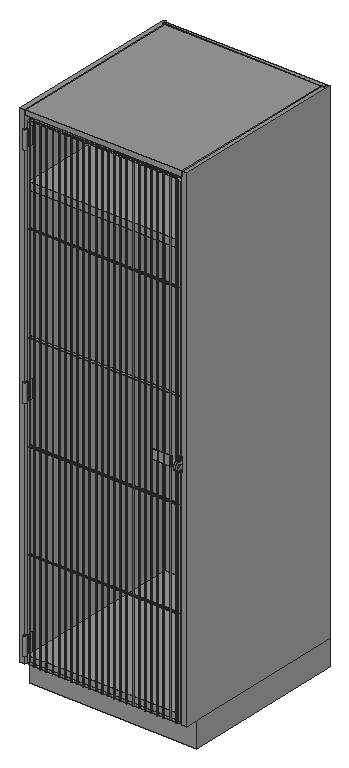
Revit family "TMI_M3100-Music_Wire Grille Doors1", category Casework, Revit 2016
Family settings
  OmniClass Number = 23.40.35.14.11
  OmniClass Title = Modular Casework
  Work Plane-Based = No
  Always vertical = Yes
  Cut with Voids When Loaded = No
  Shared = No
  Room Calculation Point = No
Parameters (values of type "27" x 84-1/2" x 29"")
  URL = "www.tmisystems.com"
  Toe Kick Height = 4"
  Toe Kick Depth = 2"
  Shelf Thickness = 1 1/8"
  Model = "M3100"
  Manufacturer = "TMI Systems Corporation"
  Interior Finish = none
  Filler Width (Hinge) [instance] = 3"
  Filler (Pull Side) [instance] = no
  Filler (Hinge Side) [instance] = no
  Filler Width (Pull) [instance] = 3"
  Description = "Uniforms and Accessories"
  Depth = 29"
  Height = 84 1/2"
  Width = 27"
  Casework Thickness = 3/4"
  Casework Back Thickness = 1/2"
  Cabinet Finish = Plastic Laminate
  Assembly Code = ""
Types (2): name | Depth
  27" x 84-1/2" x 29" | 29"
  27" x 84-1/2" x 23" | 23"
Reference planes (in)
  plane 1 "Back": y = 15
  plane 2: z = 0
  plane 3 "Center (Left/Right)": x = 0.7377
  plane 4 "Left": x = -12.7623
  plane 5 "Right": x = 14.2377
  plane 6 "Front": y = -14
  plane 7 "Top": z = 84.5
  plane 8: y = 14.375
  plane 9: x = -12.0123
  plane 10: x = 13.4877
  plane 11: z = 83.75
  plane 12: y = 14.875
  plane 13: y = -12
  plane 14: z = 4
  plane 15: z = 5.125
  plane 16: y = -13.61906
  plane 17: y = -11.25
  plane 18: y = -13.25
  plane 19: y = -13.49461
  plane 20: z = 42.25
  plane 21: z = 83.25
  plane 22: x = 13.8627
  plane 23: x = -12.3873
  plane 24: z = 73.875
  plane 25: y = -13.60344
  plane 26: y = 5.375
  plane 27: z = 69.25
  plane 28: x = -11.8873
  plane 29: x = 13.3627
Forms (in)
  Extrusion 1, solid, material "Plastic Laminate" <- "Cabinet Finish"
    sketch origin (0, 0.21844, 0) x (1, 0, 0) y (0, 1, 0)
      loop
        line (-12.7623, 14.78156) -> (-12.7623, -14.21844) -> (-12.0123, -14.21844) -> (-12.0123, 14.15656) -> (-12.38677, 14.15656) -> (-12.38677, 14.78156) -> (-12.7623, 14.78156)
      loop
        line (13.86077, 14.78156) -> (13.86077, 14.15656) -> (13.4877, 14.15656) -> (13.4877, -14.21844) -> (14.2377, -14.21844) -> (14.2377, 14.78156) -> (13.86077, 14.78156)
    from 4 to 84.5
  Extrusion 2, solid, material "Plastic Laminate" <- "Cabinet Finish"
    sketch origin (0.84915, 11.94613, -1.44731) x (1, 0, 0) y (0, 0, 1)
      loop
        line (-12.86145, 6.57231) -> (-12.86145, 5.44731) -> (12.63855, 5.44731) -> (12.63855, 6.57231) -> (-12.86145, 6.57231)
    from -2.42887 to 25.54956
  Extrusion 3, solid, material "Plastic Laminate" <- "Cabinet Finish"
    sketch origin (0, 0, 0) x (1, 0, 0) y (0, 1, 0)
      loop
        line (-12.38677, 14.875) -> (-12.38677, 14.375) -> (13.86077, 14.375) -> (13.86077, 14.875) -> (-12.38677, 14.875)
    from 84.5 to 4
  Extrusion 4, solid, material "Plastic Laminate" <- "Cabinet Finish", visible <- "Filler (Pull Side)"
    sketch origin (0, -14, 0) x (1, 0, 0) y (0, 0, 1)
      loop
        line (14.2377, 84.5) -> (14.2377, 4) -> (17.2377, 4) -> (17.2377, 84.5) -> (14.2377, 84.5)
    from -0.75 to 0
  Extrusion 5, solid, material "Plastic Laminate" <- "Cabinet Finish", visible <- "Filler (Hinge Side)"
    sketch origin (0, -14, 0) x (1, 0, 0) y (0, 0, 1)
      loop
        line (-15.7623, 84.5) -> (-15.7623, 4) -> (-12.7623, 4) -> (-12.7623, 84.5) -> (-15.7623, 84.5)
    from -0.75 to 0
  Extrusion 6, solid, material "Wood"
    sketch origin (0, 0, 0) x (1, 0, 0) y (0, 0, 1)
      loop
        line (14.2377, 4) -> (-12.7623, 4) -> (-12.7623, 0) -> (14.2377, 0) -> (14.2377, 4)
    from -15 to 12
  Extrusion 7, solid, material "Wood", visible <- "Filler (Pull Side)"
    sketch origin (0, 0, 0) x (1, 0, 0) y (0, 0, 1)
      loop
        line (17.2377, 4) -> (14.2377, 4) -> (14.2377, 0) -> (17.2377, 0) -> (17.2377, 4)
    from 11.25 to 12
  Extrusion 8, solid, material "Wood", visible <- "Filler (Hinge Side)"
    sketch origin (0, 0, 0) x (1, 0, 0) y (0, 0, 1)
      loop
        line (-12.7623, 4) -> (-15.7623, 4) -> (-15.7623, 0) -> (-12.7623, 0) -> (-12.7623, 4)
    from 11.25 to 12
  Extrusion 9, solid, material "Plastic Laminate" <- "Cabinet Finish"
    sketch origin (0, -14, 0) x (1, 0, 0) y (0, 0, 1)
      loop
        line (-12.0123, 72.75) -> (13.4877, 72.75) -> (13.4877, 73.875) -> (-12.0123, 73.875) -> (-12.0123, 72.75)
    from -28.375 to -0.50539
  Extrusion 10, solid, material "Plastic Laminate" <- "Cabinet Finish"
    sketch origin (0, 15, 0) x (1, 0, 0) y (0, 0, 1)
      loop
        line (-12.0123, 84.5) -> (-12.0123, 83.75) -> (13.4877, 83.75) -> (13.4877, 84.5) -> (-12.0123, 84.5)
    from 0.625 to 29
  Extrusion 11, solid, material "Steel, Chrome"
    sketch origin (-12.7623, 0, 0) x (0, -1, 0) y (0, 0, 1)
      loop
        circle (-5.375, 69.25) r 0.5625
    from -26.25 to -0.75
  Extrusion 12, solid, material "Steel, Chrome"
    sketch origin (-12.7623, 0, 0) x (0, -1, 0) y (0, 0, 1)
      loop
        arc (-5.24454, 70.33318) -> (-5.375, 70.39022) -> (-5.50546, 70.33318) r 0.17773
        line (-5.50546, 70.33318) -> (-6.063, 69.5425)
        arc (-6.063, 69.5425) -> (-6.1437, 69.25) -> (-6.063, 68.9575) r 0.5704
        line (-6.063, 68.9575) -> (-5.50546, 68.13092)
        arc (-5.50546, 68.13092) -> (-5.375, 68.07388) -> (-5.24454, 68.13092) r 0.17773
        line (-5.24454, 68.13092) -> (-4.687, 68.9575)
        arc (-4.687, 68.9575) -> (-4.6063, 69.25) -> (-4.687, 69.5425) r 0.5704
        line (-4.687, 69.5425) -> (-5.24454, 70.33318)
      loop
        circle (-5.375, 70.13902) r 0.125
      loop
        circle (-5.375, 68.36098) r 0.125
      loop
        circle (-5.375, 69.25) r 0.5625
    from -0.875 to -0.75
  Extrusion 13, solid, material "Steel, Chrome"
    sketch origin (14.2377, 0, 0) x (0, -1, 0) y (0, 0, -1)
      loop
        line (-5.24454, -70.33318) -> (-4.687, -69.5425)
        arc (-4.687, -69.5425) -> (-4.6063, -69.25) -> (-4.687, -68.9575) r 0.5704
        line (-4.687, -68.9575) -> (-5.24454, -68.13092)
        arc (-5.24454, -68.13092) -> (-5.375, -68.07388) -> (-5.50546, -68.13092) r 0.17773
        line (-5.50546, -68.13092) -> (-6.063, -68.9575)
        arc (-6.063, -68.9575) -> (-6.1437, -69.25) -> (-6.063, -69.5425) r 0.5704
        line (-6.063, -69.5425) -> (-5.50546, -70.33318)
        arc (-5.50546, -70.33318) -> (-5.375, -70.39022) -> (-5.24454, -70.33318) r 0.17773
      loop
        circle (-5.375, -70.13902) r 0.125
      loop
        circle (-5.375, -68.36098) r 0.125
      loop
        circle (-5.375, -69.25) r 0.5625
    from -0.875 to -0.75
Lines and regions (in)
  Masking region 1
    outline origin (44.5, 0, 0) x (1, 0, 0) y (0, 1, 0)
      loop
        line (-57.2623, 15) -> (-57.2623, -14) -> (-30.2623, -14) -> (-30.2623, 15) -> (-57.2623, 15)
  Masking region 2, visible <- "Filler (Hinge Side)"
    outline origin (0, 0, 0) x (1, 0, 0) y (0, 1, 0)
      loop
        line (-15.7623, -13.25) -> (-15.7623, -14) -> (-12.7623, -14) -> (-12.7623, -13.25) -> (-15.7623, -13.25)
  Masking region 3, visible <- "Filler (Pull Side)"
    outline origin (0, 0, 0) x (1, 0, 0) y (0, 1, 0)
      loop
        line (14.2377, -13.25) -> (14.2377, -14) -> (17.2377, -14) -> (17.2377, -13.25) -> (14.2377, -13.25)
  symbolic lines, style "CaseworkHiddenLines"
    curve 1: line (-0.1998, -14, 0) -> (-0.3248, -14, 0)
    curve 2: line (1.9252, -14, 0) -> (2.0502, -14, 0)
Dimensions and locks (in)
  "Width": plane 4 "Left" to plane 5 "Right"
  equal spacing: plane 4 "Left", plane 3 "Center (Left/Right)", plane 5 "Right"
  "Casework Thickness": plane 4 "Left" to plane 9
  "Casework Thickness": plane 10 to plane 5 "Right"
  "Casework Thickness": plane 7 "Top" to plane 11
  "Filler Width (Pull)": plane 5 "Right" to Extrusion 4
  "Filler Width (Hinge)": Extrusion 5 to plane 4 "Left"
  "Depth": plane 6 "Front" to plane 1 "Back"
  locked: plane 12 to plane 1 "Back" at 0.125
  "Toe Kick Depth": plane 13 to plane 6 "Front"
  "Toe Kick Height": plane 14 to level
  "Height": plane 7 "Top" to level
  locked: plane 6 "Front" to plane 16 at 0.38094
  locked: plane 6 "Front" to plane 18 at 0.75
  locked: plane 17 to plane 13 at 0.75
  plane 16 to plane 19 = 0.12445"
  equal spacing: plane 7 "Top", plane 20, plane 2
  locked: plane 11 to plane 21 at 0.5
  "Shelf Thickness": plane 15 to plane 14
  equal spacing: plane 4 "Left", plane 23, plane 9
  equal spacing: plane 10, plane 22, plane 5 "Right"
  "Casework Back Thickness": plane 12 to plane 8
  equal spacing: plane 23, plane 3 "Center (Left/Right)", plane 22
  "Shelf Thickness": plane 24 to Extrusion 9
  locked: plane 16 to plane 25 at 0.01562
  locked: plane 11 to plane 24 at 9.875
  locked: plane 1 "Back" to plane 26 at 9.625
  locked: plane 27 to plane 7 "Top" at 15.25
  plane 26 to Extrusion 12 sketch curve = 0.688"
  locked: plane 28 to plane 9 at 0.125
  locked: plane 29 to plane 10 at 0.125
  aligned and locked: plane 2 to level
  aligned and locked: Extrusion 1 sketch curve to plane 4 "Left"
  aligned and locked: Extrusion 1 sketch curve to plane 9
  aligned and locked: Extrusion 1 sketch curve to plane 10
  aligned and locked: Extrusion 1 sketch curve to plane 5 "Right"
  aligned and locked: Extrusion 1 to plane 1 "Back"  (x2)
  aligned and locked: plane 8 to Extrusion 3 sketch curve
  aligned and locked: Extrusion 1 to plane 7 "Top"
  aligned and locked: plane 7 "Top" to Extrusion 4 sketch curve
  aligned and locked: Extrusion 4 sketch curve to plane 5 "Right"
  aligned and locked: plane 7 "Top" to Extrusion 5 sketch curve
  aligned and locked: Extrusion 7 to Extrusion 6
  aligned and locked: Extrusion 8 to Extrusion 6
  aligned and locked: plane 14 to Extrusion 8
  aligned and locked: plane 14 to Extrusion 6
  aligned and locked: plane 14 to Extrusion 7
  aligned and locked: Extrusion 4 to plane 14
  aligned and locked: Extrusion 5 to plane 14
  aligned and locked: Extrusion 1 to plane 14
  aligned and locked: Extrusion 2 to plane 14
  aligned and locked: plane 15 to Extrusion 2
  aligned and locked: Extrusion 6 to Extrusion 1
  aligned and locked: plane 1 "Back" to Masking region 1 sketch curve
  aligned and locked: Extrusion 8 to plane 13
  aligned and locked: plane 8 to Extrusion 9
  aligned and locked: plane 4 "Left" to Masking region 2 sketch curve
  aligned and locked: Masking region 3 sketch curve to plane 5 "Right"
  aligned and locked: plane 6 "Front" to Extrusion 1  (x2)
  aligned and locked: plane 6 "Front" to Extrusion 4
  aligned and locked: plane 6 "Front" to Extrusion 5
  aligned and locked: plane 17 to Extrusion 7
  aligned and locked: Extrusion 4 to plane 18
  aligned and locked: Extrusion 5 to plane 18
  aligned and locked: plane 17 to Extrusion 8
  aligned and locked: Extrusion 8 to Extrusion 5
  aligned and locked: Masking region 2 to Extrusion 5
  aligned and locked: Masking region 2 to plane 18
  aligned and locked: Extrusion 4 to Extrusion 7
  aligned and locked: Masking region 3 to Extrusion 4
  aligned and locked: Masking region 3 to plane 18
  aligned and locked: Extrusion 2 to plane 9
  aligned and locked: Extrusion 9 to plane 19
  aligned and locked: Extrusion 2 to plane 10
  aligned and locked: Extrusion 10 sketch curve to plane 11
  aligned and locked: plane 9 to Extrusion 10 sketch curve
  aligned and locked: Extrusion 10 sketch curve to plane 10
  aligned and locked: plane 6 "Front" to Extrusion 10
  aligned and locked: plane 9 to Extrusion 1
  aligned and locked: plane 6 "Front" to Masking region 1
  aligned and locked: Extrusion 10 to plane 7 "Top"
  aligned and locked: plane 8 to Extrusion 10
  aligned and locked: Extrusion 3 to Extrusion 1  (x2)
  aligned and locked: plane 8 to Extrusion 2
  aligned and locked: Extrusion 3 to plane 14
  aligned and locked: Extrusion 3 to plane 7 "Top"
  aligned and locked: plane 10 to Extrusion 9 sketch curve
  aligned and locked: Extrusion 9 sketch curve to plane 9
  aligned and locked: plane 24 to Extrusion 9 sketch curve
  aligned and locked: nested 1 to plane 14
  aligned and locked: plane 9 to nested 1
  aligned and locked: nested 1 to plane 6 "Front"
  aligned and locked: plane 25 to Extrusion 2
  aligned and locked: plane 10 to Extrusion 11
  aligned and locked: Extrusion 11 to plane 9
  aligned and locked: Extrusion 12 to plane 9
  aligned and locked: plane 28 to Extrusion 12
  aligned and locked: Extrusion 13 to plane 29  (x2)
  aligned and locked: plane 10 to Extrusion 13
Automatic sketch dimensions
  curve 1 to level = 0"
  curve 2 to level = 0"
  curve 1 to plane 3 "Center (Left/Right)" = 1 1/16"
  curve 1 to curve 1 = 1/8"
  plane 3 "Center (Left/Right)" to curve 2 = 1 3/16"
  curve 2 to curve 2 = 1/8"
  plane 1 "Back" to Extrusion 1 sketch curve = 0"  (x2)
  Extrusion 1 sketch curve to plane 8 = 0"  (x2)
  plane 6 "Front" to Extrusion 1 sketch curve = 0"  (x2)
  Extrusion 1 sketch curve to plane 23 = 0.00052"
  plane 22 to Extrusion 1 sketch curve = 0.00194"
  Extrusion 2 sketch curve to plane 9 = 0"
  plane 10 to Extrusion 2 sketch curve = 0"
  Extrusion 2 sketch curve to plane 14 = 0"
  Extrusion 2 sketch curve to plane 15 = 0"
  Extrusion 3 sketch curve to plane 12 = 0"
  Extrusion 3 sketch curve to plane 23 = 0.00052"
  plane 22 to Extrusion 3 sketch curve = 0.00194"
  Extrusion 4 sketch curve to plane 14 = 0"
  Extrusion 4 sketch curve to plane 5 "Right" = 3"
  Extrusion 5 sketch curve to plane 14 = 0"
  plane 4 "Left" to Extrusion 5 sketch curve = 0"
  Extrusion 5 sketch curve to Extrusion 5 sketch curve = 3"
  plane 4 "Left" to Extrusion 6 sketch curve = 0"
  Extrusion 6 sketch curve to level = 0"
  plane 5 "Right" to Extrusion 6 sketch curve = 0"
  Extrusion 6 sketch curve to plane 14 = 0"
  plane 5 "Right" to Extrusion 7 sketch curve = 0"
  Extrusion 7 sketch curve to level = 0"
  Extrusion 7 sketch curve to plane 14 = 0"
  Extrusion 7 sketch curve to plane 5 "Right" = 3"
  Extrusion 8 sketch curve to plane 14 = 0"
  Extrusion 8 sketch curve to level = 0"
  plane 4 "Left" to Extrusion 8 sketch curve = 0"
  Extrusion 8 sketch curve to Extrusion 8 sketch curve = 3"
  Masking region 1 sketch curve to plane 4 "Left" = 0"
  Masking region 1 sketch curve to plane 5 "Right" = 0"
  plane 6 "Front" to Masking region 1 sketch curve = 0"
  Extrusion 9 sketch curve to plane 24 = 1 1/8"
  plane 6 "Front" to Masking region 2 sketch curve = 0"
  plane 18 to Masking region 2 sketch curve = 0"
  plane 4 "Left" to Masking region 2 sketch curve = 3"
  plane 6 "Front" to Masking region 3 sketch curve = 0"
  plane 18 to Masking region 3 sketch curve = 0"
  Masking region 3 sketch curve to Masking region 3 sketch curve = 3"
  Extrusion 10 sketch curve to plane 7 "Top" = 0"
  Extrusion 11 sketch curve to plane 26 = 0"
  Extrusion 11 sketch curve to plane 27 = 0"
  Extrusion 12 sketch curve to plane 27 = 0"  (x3)
  Extrusion 12 sketch curve to plane 26 = 0"  (x5)
  Extrusion 12 sketch curve to plane 26 = 0.13046"  (x2)
  Extrusion 12 sketch curve to Extrusion 12 sketch curve = 0.1983"
  plane 27 to Extrusion 12 sketch curve = 0.2925"  (x2)
  Extrusion 12 sketch curve to Extrusion 12 sketch curve = 0.48969"  (x2)
  Extrusion 12 sketch curve to plane 27 = 0.2925"
  plane 26 to Extrusion 12 sketch curve = 0.13046"  (x2)
  plane 26 to Extrusion 12 sketch curve = 0.1983"
  Extrusion 12 sketch curve to plane 27 = 0.88902"
  Extrusion 12 sketch curve to Extrusion 12 sketch curve = 7/64"
  Extrusion 12 sketch curve to Extrusion 12 sketch curve = 0.12069"  (x2)
  Extrusion 12 sketch curve to Extrusion 12 sketch curve = 0.88902"
  Extrusion 12 sketch curve to Extrusion 12 sketch curve = 0.07347"
  Extrusion 13 sketch curve to plane 27 = 0"  (x3)
  Extrusion 13 sketch curve to plane 26 = 0"  (x5)
  Extrusion 13 sketch curve to plane 26 = 0.13046"  (x2)
  Extrusion 13 sketch curve to Extrusion 13 sketch curve = 0.1983"
  plane 27 to Extrusion 13 sketch curve = 0.2925"  (x2)
  Extrusion 13 sketch curve to Extrusion 13 sketch curve = 0.48969"  (x2)
  Extrusion 13 sketch curve to plane 27 = 0.2925"  (x2)
  plane 26 to Extrusion 13 sketch curve = 0.13046"  (x2)
  plane 26 to Extrusion 13 sketch curve = 0.1983"
  plane 27 to Extrusion 13 sketch curve = 0.88902"
  Extrusion 13 sketch curve to Extrusion 13 sketch curve = 0.07347"
  Extrusion 13 sketch curve to Extrusion 13 sketch curve = 0.12069"  (x2)
  Extrusion 13 sketch curve to Extrusion 13 sketch curve = 0.88902"
  Extrusion 13 sketch curve to Extrusion 13 sketch curve = 7/64"
  radius of Extrusion 11 sketch curve = 9/16"
  radius of Extrusion 12 sketch curve = 1/8"  (x2)
  radius of Extrusion 12 sketch curve = 9/16"
  radius of Extrusion 13 sketch curve = 1/8"  (x2)
  radius of Extrusion 13 sketch curve = 9/16"
Nested families (in)
  nested 1: "Full Height Wire Grille Door 27in Wide" at (0.73685, -13.76369, 4), type "Full Height Wire Grille Door 27in Wide"
    with Number of Verticle Bars 24, Bar Spacing 1"
Definition of nested family "Full Height Wire Grille Door 27in Wide"
  Parameters (values of type "Full Height Wire Grille Door 27in Wide")
    Width = 24 1/2"
    Pull height from Bottom of Casework = 37 13/16"
    Number of Verticle Bars [instance] = (Width / Bar Spacing) - 1  # 24
    Height = 79 1/4"
    Distance of Hinge from Edge of Casework = 2 13/16"
    Bar Spacing [instance] = 1"
  Reference planes (in)
    plane 1 "Center (Front/Back)": y = 0
    plane 2: z = 0
    plane 3 "Center (Left/Right)": x = 0
    plane 4: x = -12.37415
    plane 5: x = -12.12585
    plane 6: z = 79.25
    plane 7: z = 79
    plane 8: z = 79.125
    plane 9: x = -12.25
    plane 10: x = 12.38138
    plane 11: x = 12.11862
    plane 12: x = 12.25
    plane 13: z = 0.25
    plane 14: z = 0.125
    plane 15: y = -0.125
    plane 16: z = 39.625
    plane 17: z = 47.525
    plane 18: z = 63.325
    plane 19: z = 31.725
    plane 20: z = 15.925
    plane 21: y = -0.17188
    plane 22: x = -11.25
    plane 23: y = 0.28516
    plane 24: x = 12.75638
    plane 25: y = -0.23631
    plane 26: z = 37.8125
    plane 27: z = 2.8125
    plane 28: z = 76.4375
    plane 29: z = 38.9375
    plane 30: z = 37.8125
  Forms (in)
    Sweep 1, solid
      path origin (0, 0, 0) x (1, 0, 0) y (0, 0, 1)
        loop
          arc (-12, 79.125) -> (-12.17678, 79.05178) -> (-12.25, 78.875) r 0.25
          line (-12.25, 78.875) -> (-12.25, 0.375)
          arc (-12.25, 0.375) -> (-12.17678, 0.19822) -> (-12, 0.125) r 0.25
          line (-12, 0.125) -> (12, 0.125)
          arc (12, 0.125) -> (12.17678, 0.19822) -> (12.25, 0.375) r 0.25
          line (12.25, 0.375) -> (12.25, 78.875)
          arc (12.25, 78.875) -> (12.17678, 79.05178) -> (12, 79.125) r 0.25
          line (12, 79.125) -> (-12, 79.125)
      profile "4 Circle : 4 Circle" origin (0, 0, 79.125) x (0, 0, 1) y (0, -1, 0)
        loop
          circle (0, 0) r 0.125
    Extrusion 2, solid
      sketch origin (0, 0, 0) x (0, 1, 0) y (0, 0, 1)
        loop
          circle (0, 63.325) r 0.125
        loop
          circle (0, 47.525) r 0.125
        loop
          circle (0, 15.925) r 0.125
        loop
          circle (0, 31.725) r 0.125
      from -12.25 to 12.25
    Extrusion 3, solid
      sketch origin (-0.62456, 0, 0) x (1, 0, 0) y (0, 1, 0)
        loop
          circle (-10.62544, -0.17188) r 0.0625
      from 0 to 79.25
    Extrusion 4, solid
      sketch origin (0.37544, 0, 0) x (1, 0, 0) y (0, 1, 0)
        loop
          circle (-10.62544, -0.17188) r 0.0625
      from 0 to 79.25
    Extrusion 5, solid
      sketch origin (1.37544, 0, 0) x (1, 0, 0) y (0, 1, 0)
        loop
          circle (-10.62544, -0.17188) r 0.0625
      from 0 to 79.25
    Extrusion 6, solid
      sketch origin (2.37544, 0, 0) x (1, 0, 0) y (0, 1, 0)
        loop
          circle (-10.62544, -0.17188) r 0.0625
      from 0 to 79.25
    Extrusion 7, solid
      sketch origin (3.37544, 0, 0) x (1, 0, 0) y (0, 1, 0)
        loop
          circle (-10.62544, -0.17188) r 0.0625
      from 0 to 79.25
    Extrusion 8, solid
      sketch origin (4.37544, 0, 0) x (1, 0, 0) y (0, 1, 0)
        loop
          circle (-10.62544, -0.17188) r 0.0625
      from 0 to 79.25
    Extrusion 9, solid
      sketch origin (5.37544, 0, 0) x (1, 0, 0) y (0, 1, 0)
        loop
          circle (-10.62544, -0.17188) r 0.0625
      from 0 to 79.25
    Extrusion 10, solid
      sketch origin (6.37544, 0, 0) x (1, 0, 0) y (0, 1, 0)
        loop
          circle (-10.62544, -0.17188) r 0.0625
      from 0 to 79.25
    Extrusion 11, solid
      sketch origin (7.37544, 0, 0) x (1, 0, 0) y (0, 1, 0)
        loop
          circle (-10.62544, -0.17188) r 0.0625
      from 0 to 79.25
    Extrusion 12, solid
      sketch origin (8.37544, 0, 0) x (1, 0, 0) y (0, 1, 0)
        loop
          circle (-10.62544, -0.17188) r 0.0625
      from 0 to 79.25
    Extrusion 13, solid
      sketch origin (9.37544, 0, 0) x (1, 0, 0) y (0, 1, 0)
        loop
          circle (-10.62544, -0.17188) r 0.0625
      from 0 to 79.25
    Extrusion 14, solid
      sketch origin (10.37544, 0, 0) x (1, 0, 0) y (0, 1, 0)
        loop
          circle (-10.62544, -0.17188) r 0.0625
      from 0 to 79.25
    Extrusion 15, solid
      sketch origin (11.37544, 0, 0) x (1, 0, 0) y (0, 1, 0)
        loop
          circle (-10.62544, -0.17188) r 0.0625
      from 0 to 79.25
    Extrusion 16, solid
      sketch origin (12.37544, 0, 0) x (1, 0, 0) y (0, 1, 0)
        loop
          circle (-10.62544, -0.17188) r 0.0625
      from 0 to 79.25
    Extrusion 17, solid
      sketch origin (13.37544, 0, 0) x (1, 0, 0) y (0, 1, 0)
        loop
          circle (-10.62544, -0.17188) r 0.0625
      from 0 to 79.25
    Extrusion 18, solid
      sketch origin (14.37544, 0, 0) x (1, 0, 0) y (0, 1, 0)
        loop
          circle (-10.62544, -0.17188) r 0.0625
      from 0 to 79.25
    Extrusion 19, solid
      sketch origin (15.37544, 0, 0) x (1, 0, 0) y (0, 1, 0)
        loop
          circle (-10.62544, -0.17188) r 0.0625
      from 0 to 79.25
    Extrusion 20, solid
      sketch origin (16.37544, 0, 0) x (1, 0, 0) y (0, 1, 0)
        loop
          circle (-10.62544, -0.17188) r 0.0625
      from 0 to 79.25
    Extrusion 21, solid
      sketch origin (17.37544, 0, 0) x (1, 0, 0) y (0, 1, 0)
        loop
          circle (-10.62544, -0.17188) r 0.0625
      from 0 to 79.25
    Extrusion 22, solid
      sketch origin (18.37544, 0, 0) x (1, 0, 0) y (0, 1, 0)
        loop
          circle (-10.62544, -0.17188) r 0.0625
      from 0 to 79.25
    Extrusion 23, solid
      sketch origin (19.37544, 0, 0) x (1, 0, 0) y (0, 1, 0)
        loop
          circle (-10.62544, -0.17188) r 0.0625
      from 0 to 79.25
    Extrusion 24, solid
      sketch origin (20.37544, 0, 0) x (1, 0, 0) y (0, 1, 0)
        loop
          circle (-10.62544, -0.17188) r 0.0625
      from 0 to 79.25
    Extrusion 25, solid
      sketch origin (21.37544, 0, 0) x (1, 0, 0) y (0, 1, 0)
        loop
          circle (-10.62544, -0.17188) r 0.0625
      from 0 to 79.25
    Extrusion 26, solid
      sketch origin (22.37544, 0, 0) x (1, 0, 0) y (0, 1, 0)
        loop
          circle (-10.62544, -0.17188) r 0.0625
      from 0 to 79.25
    Extrusion 27, solid
      sketch origin (0, 0, 0) x (1, 0, 0) y (0, 0, 1)
        loop
          line (7.94388, 38.5625) -> (7.94388, 37.0625) -> (11.13138, 37.0625) -> (11.13138, 38.5625) -> (7.94388, 38.5625)
      from 0.23631 to 0.33984
  Lines and regions (in)
    model lines
      curve 1: line (12.27951, 0, 79.125) -> (-12.25002, 0, 39.625)
      curve 2: line (-12.25002, 0, 39.625) -> (12.25, 0, 0.125)
  Dimensions and locks (in)
    locked: plane 6 to plane 7 at 0.25
    equal spacing: plane 6, plane 8, plane 7
    equal spacing: plane 4, plane 9, plane 5
    locked: plane 4 to plane 5 at 0.24829
    equal spacing: plane 10, plane 12, plane 11
    plane 10 to plane 11 = 0.26276"
    equal spacing: plane 13, plane 14, plane 2
    locked: plane 13 to plane 2 at 0.25
    equal spacing: plane 12, plane 3 "Center (Left/Right)", plane 9
    locked: plane 15 to plane 1 "Center (Front/Back)" at 0.125
    "Width": plane 12 to plane 9
    "Height": plane 6 to plane 2
    plane 8 to plane 14 = 79"
    equal spacing: plane 8, plane 18, plane 17, plane 19, plane 20, plane 14
    "Bar Spacing": plane 9 to plane 22
    locked: plane 15 to plane 21 at 0.04688
    plane 1 "Center (Front/Back)" to plane 23 = 73/256"
    locked: plane 10 to plane 24 at 0.375
    locked: plane 21 to plane 25 at 0.06444
    "Pull height from Bottom of Casework": plane 26 to plane 2
    "Distance of Hinge from Edge of Casework": plane 6 to plane 28
    "Distance of Hinge from Edge of Casework": plane 27 to plane 2
    equal spacing: plane 6, plane 16, level
    locked: plane 29 to plane 26 at 1.125
    equal spacing: group 1, group 2, group 3, group 4, group 5, group 6, group 7, group 8, group 9, group 10, group 11, group 12, group 13, group 14, group 15, group 16, group 17, group 18, group 19, group 20, group 21, group 22, group 23, group 24  (x3)
    locked: Extrusion 27 sketch curve to Extrusion 27 sketch curve at 1.5
    locked: Extrusion 27 sketch curve to Extrusion 27 sketch curve at 3.1875
    equal spacing: Extrusion 27 sketch curve, plane 30, Extrusion 27 sketch curve
    locked: nested 1 to Extrusion 27 sketch curve at 1.25
    aligned and locked: plane 2 to level
    aligned and locked: Sweep 1 sketch curve to plane 12
    aligned and locked: Sweep 1 sketch curve to plane 8
    aligned and locked: plane 9 to Sweep 1 sketch curve
    aligned and locked: plane 14 to Sweep 1 sketch curve
    aligned and locked: Extrusion 2 to plane 12
    aligned and locked: Extrusion 2 to plane 9
    aligned and locked: Extrusion 3 to plane 2
    aligned and locked: nested 1 to plane 10
    aligned and locked: nested 1 to plane 23
    aligned and locked: plane 24 to nested 2
    aligned and locked: nested 2 to plane 23
    aligned and locked: plane 10 to nested 1
    aligned and locked: nested 3 to plane 4
    aligned and locked: plane 25 to nested 3
    aligned and locked: nested 3 to plane 28
    aligned and locked: nested 4 to plane 4
    aligned and locked: plane 25 to nested 4
    aligned and locked: nested 4 to plane 27
    aligned and locked: nested 5 to plane 4
    aligned and locked: nested 5 to plane 16
    aligned and locked: plane 25 to nested 5
    aligned and locked: plane 6 to Extrusion 3
    aligned and locked: nested 2 to plane 29
    aligned and locked: nested 1 to plane 29
    aligned and locked: plane 30 to plane 26
    aligned and locked: plane 25 to Extrusion 27
    aligned and locked: nested 1 to Extrusion 27
  Automatic sketch dimensions
    plane 5 to Sweep 1 sketch curve = 0.12585"
    Sweep 1 sketch curve to Sweep 1 sketch curve = 1/4"  (x2)
    plane 11 to Sweep 1 sketch curve = 0.11862"
    Extrusion 2 sketch curve to plane 1 "Center (Front/Back)" = 0"  (x4)
    Extrusion 2 sketch curve to plane 20 = 0"
    Extrusion 2 sketch curve to plane 19 = 0"
    Extrusion 2 sketch curve to plane 17 = 0"
    Extrusion 2 sketch curve to plane 18 = 0"
    curve 2 to plane 16 = 0"
    plane 12 to curve 2 = 0"
    curve 1 to plane 8 = 0"
    curve 2 to plane 14 = 0"
    curve 2 to plane 9 = 0"
    curve 1 to plane 12 = 0.02951"
    radius of Extrusion 3 sketch curve = 1/16"
    radius of Extrusion 2 sketch curve = 1/8"  (x4)
    radius of Extrusion 4 sketch curve = 1/16"
    radius of Extrusion 5 sketch curve = 1/16"
    radius of Extrusion 6 sketch curve = 1/16"
    radius of Extrusion 7 sketch curve = 1/16"
    radius of Extrusion 8 sketch curve = 1/16"
    radius of Extrusion 9 sketch curve = 1/16"
    radius of Extrusion 10 sketch curve = 1/16"
    radius of Extrusion 11 sketch curve = 1/16"
    radius of Extrusion 12 sketch curve = 1/16"
    radius of Extrusion 13 sketch curve = 1/16"
    radius of Extrusion 14 sketch curve = 1/16"
    radius of Extrusion 15 sketch curve = 1/16"
    radius of Extrusion 16 sketch curve = 1/16"
    radius of Extrusion 17 sketch curve = 1/16"
    radius of Extrusion 18 sketch curve = 1/16"
    radius of Extrusion 19 sketch curve = 1/16"
    radius of Extrusion 20 sketch curve = 1/16"
    radius of Extrusion 21 sketch curve = 1/16"
    radius of Extrusion 22 sketch curve = 1/16"
    radius of Extrusion 23 sketch curve = 1/16"
    radius of Extrusion 24 sketch curve = 1/16"
    radius of Extrusion 25 sketch curve = 1/16"
    radius of Extrusion 26 sketch curve = 1/16"
  Nested families (in)
    nested 1: "Pad Lock" at (12.38138, -0.33984, 37.8125), type "Pad Lock"
    nested 2: "Pad Lock" at (12.69388, -0.33984, 37.8125), type "Pad Lock"
    nested 3: "5k hinge (music)" at (-12.5929, 0.76369, 75.03125) x (-1, 0, 0) z (0, 0, 1), type "5k hinge (music)"
      with Width 16"
    nested 4: "5k hinge (music)" at (-12.5929, 0.76369, 1.40625) x (-1, 0, 0) z (0, 0, 1), type "5k hinge (music)"
      with Width 16"
    nested 5: "5k hinge (music)" at (-12.5929, 0.76369, 38.21875) x (-1, 0, 0) z (0, 0, 1), type "5k hinge (music)"
      with Width 16"
  Definition of nested family "Pad Lock"
    Reference planes (in)
      plane 1 "Center (Front/Back)": y = 0
      plane 2: z = 0
      plane 3 "Center (Left/Right)": x = 0
      plane 4: z = 1.125
      plane 5: z = -1.125
      plane 6: y = -1.125
      plane 7: y = 0.625
      plane 8: y = -0.5625
      plane 9: x = 0.0625
    Forms (in)
      Extrusion 1, solid
        sketch origin (0, 0.00036, 0.01611) x (0, 0, 1) y (0, -1, 0)
          loop
            line (0.98389, 0) -> (0.56967, 0) -> (0.56967, 0.56286)
            arc (0.56967, 0.56286) -> (0, 1.13253) -> (-0.56967, 0.56286) r 0.56967
            line (-0.56967, 0.56286) -> (-0.56967, 0) -> (-1.01611, 0)
            arc (-1.01611, 0) -> (-1.1045, -0.03661) -> (-1.14111, -0.125) r 0.125
            line (-1.14111, -0.125) -> (-1.14111, -0.62464) -> (1.10889, -0.62464) -> (1.10889, -0.125)
            arc (1.10889, -0.125) -> (1.07227, -0.03661) -> (0.98389, 0) r 0.125
          loop
            circle (0, 0.56286) r 0.375
        from 0 to 0.0625
    Dimensions and locks (in)
      locked: plane 4 to plane 5 at 2.25
      locked: plane 6 to plane 7 at 1.75
      locked: plane 9 to plane 3 "Center (Left/Right)" at 0.0625
      equal spacing: plane 1 "Center (Front/Back)", plane 8, plane 6
      locked: plane 7 to plane 1 "Center (Front/Back)" at 0.625
      equal spacing: plane 5, plane 2, plane 4
      aligned and locked: plane 2 to level
      aligned and locked: plane 9 to Extrusion 1
    Automatic sketch dimensions
      Extrusion 1 sketch curve to Extrusion 1 sketch curve = 0"  (x2)
      Extrusion 1 sketch curve to plane 5 = 0"
      Extrusion 1 sketch curve to plane 8 = 0"
      plane 4 to Extrusion 1 sketch curve = 0"
      Extrusion 1 sketch curve to plane 7 = 0"
      Extrusion 1 sketch curve to plane 1 "Center (Front/Back)" = 0.00036"
      plane 5 to Extrusion 1 sketch curve = 1/8"
      Extrusion 1 sketch curve to level = 0.55355"
      level to Extrusion 1 sketch curve = 0.01611"
      Extrusion 1 sketch curve to Extrusion 1 sketch curve = 1/8"
      Extrusion 1 sketch curve to plane 1 "Center (Front/Back)" = 0.12536"
      radius of Extrusion 1 sketch curve = 3/8"
  Definition of nested family "5k hinge (music)"
    Parameters (values of type "5k hinge (music)")
      door thickness = 1"
      Width [instance] = 16"
      Hinge Distance from Door = 9/16"
      5K hinge size = 2 13/16"
    Reference planes (in)
      plane 1 "Center (Front/Back)": y = 0
      plane 2: z = 0
      plane 3 "Center (Left/Right)": x = 0
      plane 4: x = -0.15625
      plane 5: y = -1
      plane 6: y = -0.5
      plane 7: y = -1.5625
      plane 8: y = -1.28125
      plane 9: x = 0.15625
      plane 10: z = 2.8125
      plane 11: z = 1.40625
      plane 12: x = -0.21875
    Forms (in)
      Extrusion 1, solid
        sketch origin (-8.15625, 0, 0) x (1, 0, 0) y (0, 1, 0)
          loop
            line (8.15625, -1) -> (8.15625, -1.04949)
            arc (8.15625, -1.04949) -> (7.85521, -1.421) -> (8.3125, -1.28125) r 0.25
            line (8.3125, -1.28125) -> (8.3125, 0) -> (8.15625, 0) -> (7.9375, 0) -> (7.9375, -1) -> (8.15625, -1)
        from 0 to 2.8125
    Dimensions and locks (in)
      equal spacing: plane 1 "Center (Front/Back)", plane 6, plane 5
      "Hinge Distance from Door": plane 5 to plane 7
      equal spacing: plane 5, plane 8, plane 7
      "5K hinge size": plane 10 to plane 2
      "door thickness": plane 1 "Center (Front/Back)" to plane 5
      equal spacing: plane 10, plane 11, plane 2
      equal spacing: plane 4, plane 3 "Center (Left/Right)", plane 9
      plane 4 to plane 9 = 5/16"
      plane 12 to plane 4 = 1/16"
      aligned and locked: plane 2 to level
      aligned and locked: plane 5 to Extrusion 1 sketch curve
      aligned and locked: Extrusion 1 to plane 10
      aligned and locked: plane 9 to Extrusion 1
      aligned and locked: Extrusion 1 to plane 2
      aligned and locked: plane 12 to Extrusion 1 sketch curve
    Automatic sketch dimensions
      Extrusion 1 sketch curve to plane 8 = 0"
      plane 1 "Center (Front/Back)" to Extrusion 1 sketch curve = 0"
      Extrusion 1 sketch curve to plane 9 = 0"
      plane 4 to Extrusion 1 sketch curve = 1/16"
      Extrusion 1 sketch curve to plane 3 "Center (Left/Right)" = 0"  (x2)
